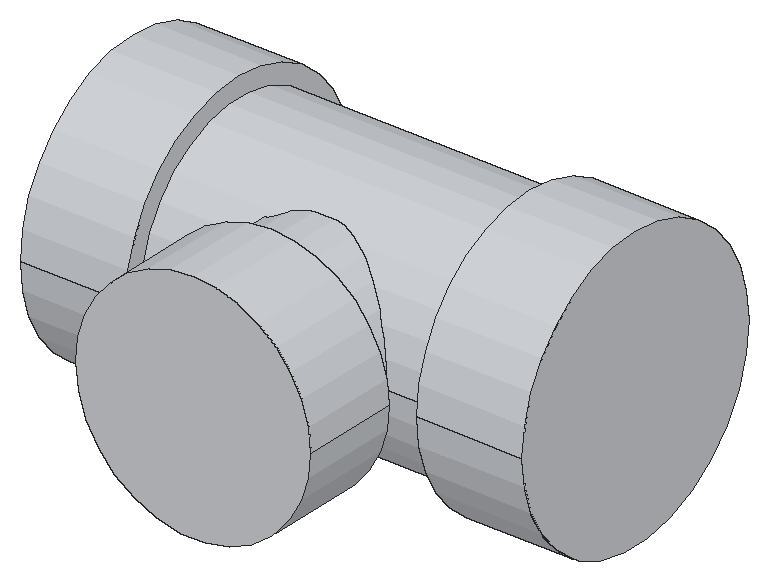
Revit family "64945c318fd64e4e99ebfdca3d8d64a5", category Pipe Fittings, Revit 2021
Family settings
  Round Connector Dimension = Use Radius
  Part Type = Tee
  OmniClass Number = 23.60.30.11.14
  OmniClass Title = Pipework Fittings
  Seek Item ID = Tee Reducing - Threaded - MI - Class 300-0000-USA-ENU
  Work Plane-Based = No
  Always vertical = Yes
  Cut with Voids When Loaded = No
  Shared = No
Parameters (values of type "Standard")
  Tick Size 3 [instance] = Fitting Outside Diameter 3 * 0.4  # 0.37856"
  Tick Size 2 [instance] = Fitting Outside Diameter 2 * 0.4  # 0.46457"
  Tick Size 1 [instance] = Fitting Outside Diameter 1 * 0.4  # 0.46457"
  Nominal Radius 3 [instance] = 3/16"
  Nominal Radius 2 [instance] = 1/4"
  Nominal Radius 1 [instance] = 1/4"
  Nominal Diameter 3 [instance] = Nominal Radius 3 * 2  # 3/8"
  Nominal Diameter 2 [instance] = Nominal Radius 2 * 2  # 1/2"
  Nominal Diameter 1 [instance] = Nominal Radius 1 * 2  # 1/2"
  Metal Thickness 3 [instance] = size_lookup(Lookup Table Name, "MThk", 0.07 * Nominal Diameter 3 + 31/256", Nominal Diameter 3)  # 0.14734"
  Metal Thickness 2 [instance] = size_lookup(Lookup Table Name, "MThk", 0.07 * Nominal Diameter 2 + 31/256", Nominal Diameter 2)  # 0.16142"
  Metal Thickness 1 [instance] = size_lookup(Lookup Table Name, "MThk", 0.07 * Nominal Diameter 1 + 31/256", Nominal Diameter 1)  # 0.16142"
  Loss Method = K Coefficient from Table
  Lookup Table Name = "Tee Reducing - Threaded - MI - Class 300"
  K Coefficient Table = "Threaded Tee"
  Default Elevation = 0' - 0"
  C2 Length 2 [instance] = if(and(Angle < 90.00°, Length 1 < 0"), Max Band Outside Radius 12 / tan(Angle - atan(Band Outside Radius 3 / C3 Length 1)) + Band Width 2, Center to End 2)  # 1.18898"
  Max Band Outside Radius 12 [instance] = if(Band Outside Radius 1 > Band Outside Radius 2, Band Outside Radius 1, Band Outside Radius 2)  # 0.66929"
  C3 Length 2 [instance] = if(and(Angle < 90.00°, Length 1 < 0"), (Max Band Outside Radius 12 + Band Outside Radius 3 * cos(Angle)) / sin(Angle) + Band Width 3, if(and(Angle > 90.00°, Length 1 < 0"), (Max Band Outside Radius 12 + Band Outside Radius 3 * cos(180.00° - Angle)) / sin(180.00° - Angle) + Band Width 3, Max Band Outside Radius 12 + Band Width 3))  # 1.1307"
  C3 Length 1 [instance] = C3 Length 2 - Band Width 3  # 0.66929"
  C2 Length 1 [instance] = C2 Length 2 - Band Width 2  # 0.68898"
  C1 Length 2 [instance] = if(and(Angle > 90.00°, Length 1 < 0"), Max Band Outside Radius 12 / tan(180.00° - Angle - atan(Band Outside Radius 3 / C3 Length 1)) + Band Width 1, Center to End 1)  # 1.18898"
  C1 Length 1 [instance] = C1 Length 2 - Band Width 1  # 0.68898"
  Length 1 [instance] = if(Angle < 90.00°, ((Center to End 3 - Band Width 3) / cos(Angle 1) * sin(Angle - Angle 1) - Max Band Outside Radius 12), ((Center to End 3 - Band Width 3) / cos(Angle 1) * sin(180.00° - Angle - Angle 1) - Max Band Outside Radius 12))  # 0.05828"
  Fitting Outside Radius 3 [instance] = Fitting Outside Diameter 3 / 2  # 0.4732"
  Fitting Outside Radius 2 [instance] = Fitting Outside Diameter 2 / 2  # 0.58071"
  Fitting Outside Radius 1 [instance] = Fitting Outside Diameter 1 / 2  # 0.58071"
  Fitting Outside Diameter 3 [instance] = Fitting Inside Diameter 3 + Metal Thickness 3 * 2  # 0.94641"
  Fitting Outside Diameter 2 [instance] = Fitting Inside Diameter 2 + Metal Thickness 2 * 2  # 1.16142"
  Fitting Outside Diameter 1 [instance] = Fitting Inside Diameter 1 + Metal Thickness 1 * 2  # 1.16142"
  Fitting Inside Diameter 3 [instance] = size_lookup(Lookup Table Name, "FID", 1.04 * Nominal Diameter 3 + 67/256", Nominal Diameter 3)  # 0.65172"
  Fitting Inside Diameter 2 [instance] = size_lookup(Lookup Table Name, "FID", 1.04 * Nominal Diameter 2 + 67/256", Nominal Diameter 2)  # 0.83858"
  Fitting Inside Diameter 1 [instance] = size_lookup(Lookup Table Name, "FID", 1.04 * Nominal Diameter 1 + 67/256", Nominal Diameter 1)  # 0.83858"
  Center to End 3 [instance] = size_lookup(Lookup Table Name, "CtE3", 0.49 * Nominal Diameter 1 + 0.062 * Nominal Diameter 2 + 0.3 * Nominal Diameter 3 + 51/64", (Nominal Diameter 1), (Nominal Diameter 2), (Nominal Diameter 3))  # 1.18898"
  Center to End 2 [instance] = size_lookup(Lookup Table Name, "CtE2", 0.075 * Nominal Diameter 1 + 0.26 * Nominal Diameter 2 + 0.51 * Nominal Diameter 3 + 203/256", (Nominal Diameter 1), (Nominal Diameter 2), (Nominal Diameter 3))  # 1.18898"
  Center to End 1 [instance] = size_lookup(Lookup Table Name, "CtE1", 0.33 * Nominal Diameter 1 - 0.0086 * Nominal Diameter 2 + 0.51 * Nominal Diameter 3 + 13/16", (Nominal Diameter 1), (Nominal Diameter 2), (Nominal Diameter 3))  # 1.18898"
  Band Width 3 [instance] = size_lookup(Lookup Table Name, "BWid", 0.22 * Nominal Diameter 3 + 97/256", Nominal Diameter 3)  # 0.46141"
  Band Width 2 [instance] = size_lookup(Lookup Table Name, "BWid", 0.22 * Nominal Diameter 2 + 97/256", Nominal Diameter 2)  # 1/2"
  Band Width 1 [instance] = size_lookup(Lookup Table Name, "BWid", 0.22 * Nominal Diameter 1 + 97/256", Nominal Diameter 1)  # 1/2"
  Band Outside Radius 3 [instance] = Band Outside Diameter 3 / 2  # 0.55633"
  Band Outside Radius 2 [instance] = Band Outside Diameter 2 / 2  # 0.66929"
  Band Outside Radius 1 [instance] = Band Outside Diameter 1 / 2  # 0.66929"
  Band Outside Diameter 3 [instance] = size_lookup(Lookup Table Name, "BOD", 1.29 * Nominal Diameter 3 + 161/256", Nominal Diameter 3)  # 1.11266"
  Band Outside Diameter 2 [instance] = size_lookup(Lookup Table Name, "BOD", 1.29 * Nominal Diameter 2 + 161/256", Nominal Diameter 2)  # 1.33858"
  Band Outside Diameter 1 [instance] = size_lookup(Lookup Table Name, "BOD", 1.29 * Nominal Diameter 1 + 161/256", Nominal Diameter 1)  # 1.33858"
  Angle 1 [instance] = atan(Band Outside Radius 3 / (Center to End 3 - Band Width 3))  # 37.4029°
  Angle [instance] = 90.00°
Reference planes (in)
  plane 1 "Center (Front/Back)": y = 0
  plane 2: z = 0
  plane 3 "Center (Left/Right)": x = 0
  plane 4: x = -0.68898
  plane 5: x = 0.68898
  plane 6: x = -1.18898
  plane 7: x = 1.18898
  plane 8: y = 0.46457
  plane 9: y = -0.46457
  plane 10: x = -0.68898
  plane 11: x = 0.68898
  plane 12: y = 0.46457
  plane 13: y = -0.46457
Forms (in)
  Blend 1, solid, detail levels fine
    base sketch origin (0, 0, 0) x (0, 1, 0) y (0, 0, 1)
      loop
        circle (0, 0) r 0.58071
    top sketch origin (0, 0, 0) x (0, 1, 0) y (0, 0, 1)
      loop
        circle (0, 0) r 0.58071
    from -0.68898 to 0.68898
  Sweep 2, solid, detail levels fine
    path in 3D
      loop
        line (-1.18898, 0, 0) -> (-0.68898, 0, 0)
    profile origin (-0.93898, 0, 0) x (0, 1, 0) y (0, 0, 1)
      loop
        circle (0, 0) r 0.66929
  Sweep 3, solid, detail levels fine
    path in 3D
      loop
        line (0.68898, 0, 0) -> (1.18898, 0, 0)
    profile origin (0.93898, 0, 0) x (0, 1, 0) y (0, 0, 1)
      loop
        circle (0, 0) r 0.66929
  Sweep 4, solid, detail levels fine
    path in 3D
      loop
        line (0, 0, 0) -> (0, -0.66929, 0)
    profile origin (0, -0.33465, 0) x (1, 0, 0) y (0, 0, 1)
      loop
        circle (0, 0) r 0.4732
  Sweep 5, solid, detail levels fine
    path in 3D
      loop
        line (0, -0.66929, 0) -> (0, -1.1307, 0)
    profile origin (0, -0.89999, 0) x (1, 0, 0) y (0, 0, 1)
      loop
        circle (0, 0) r 0.55633
Cuts and joins
  joined: Blend 1, Sweep 2, Sweep 3, Sweep 4, Sweep 5
Lines and regions (in)
  model lines, detail levels coarse+medium
    curve 1: line (-1.18898, 0.46457, 0) -> (-1.18898, -0.46457, 0)
    curve 2: line (1.18898, 0.46457, 0) -> (1.18898, -0.46457, 0)
    curve 14: line (0, 0, 0) -> (0, -1.1307, 0)
    curve 15: line (0, 0, 0) -> (1.18898, 0, 0)
    curve 16: line (0, 0, 0) -> (-1.18898, 0, 0)
    curve 17: line (0.37856, -1.1307, 0) -> (-0.37856, -1.1307, 0)
  reference lines
    curve 3: line (0, 0, 0) -> (0, -0.66929, 0)
    curve 4: line (0, -0.66929, 0) -> (0, -1.1307, 0)
    curve 5: line (0.68898, 0, 0) -> (1.18898, 0, 0)
    curve 6: line (-1.18898, 0, 0) -> (-0.68898, 0, 0)
    curve 7: line (-1.18898, 0, 0) -> (-0.68898, 0, 0)
    curve 8: line (0.68898, 0, 0) -> (1.18898, 0, 0)
    curve 9: line (0, -1.1307, 0) -> (0, -0.66929, 0)
  sketch lines
    curve 10: line (-1.18898, 0, 0) -> (-0.68898, 0, 0)
    curve 11: line (0.68898, 0, 0) -> (1.18898, 0, 0)
    curve 12: line (0, 0, 0) -> (0, -0.66929, 0)
    curve 13: line (0, -0.66929, 0) -> (0, -1.1307, 0)
Dimensions and locks (in)
  "C1 Length 1": plane 4 to plane 3 "Center (Left/Right)"
  "C2 Length 1": plane 3 "Center (Left/Right)" to plane 5
  "C1 Length 2": plane 6 to plane 3 "Center (Left/Right)"
  equal spacing: plane 8, plane 1 "Center (Front/Back)", plane 9
  "Tick Size 1": plane 8 to plane 1 "Center (Front/Back)"
  "C3 Length 1": curve 3 to curve 4
  "Band Width 3": curve 4 to curve 4
  "C2 Length 2": plane 3 "Center (Left/Right)" to plane 7
  equal spacing: plane 12, plane 1 "Center (Front/Back)", plane 13
  "Tick Size 2": plane 12 to plane 1 "Center (Front/Back)"
  "C3 Length 2": curve 14 to curve 14
  equal spacing: curve 17, curve 14, curve 17
  "Tick Size 3": curve 14 to curve 17
  "Fitting Outside Radius 1": radius of Blend 1 sketch curve
  "Fitting Outside Radius 2": radius of Blend 1 sketch curve
  "Band Outside Radius 1": radius of Sweep 2 sketch curve
  "Band Outside Radius 2": radius of Sweep 3 sketch curve
  "Fitting Outside Radius 3": radius of Sweep 4 sketch curve
  "Band Outside Radius 3": radius of Sweep 5 sketch curve
  "Angle": angle curve 3 to plane 1 "Center (Front/Back)"
  "Angle": angle curve 4 to plane 1 "Center (Front/Back)"
  "Angle": angle curve 9 to plane 1 "Center (Front/Back)"
  "Angle": angle curve 14 to plane 1 "Center (Front/Back)"
  "Angle": angle curve 17 to plane 5
  aligned and locked: plane 8 to curve 1
  aligned and locked: plane 9 to curve 1
  aligned and locked: curve 1 to plane 6
  aligned and locked: curve 2 to plane 7
  aligned and locked: plane 3 "Center (Left/Right)" to curve 3
  aligned and locked: plane 6 to curve 6
  aligned and locked: plane 4 to curve 6
  aligned and locked: plane 5 to curve 5
  aligned and locked: plane 7 to curve 5
  aligned and locked: plane 1 "Center (Front/Back)" to curve 5
  aligned and locked: plane 1 "Center (Front/Back)" to curve 6
  aligned and locked: plane 6 to curve 7
  aligned and locked: plane 10 to curve 7
  aligned and locked: plane 1 "Center (Front/Back)" to curve 7
  aligned and locked: plane 11 to curve 8
  aligned and locked: plane 7 to curve 8
  aligned and locked: plane 1 "Center (Front/Back)" to curve 8
  aligned and locked: plane 1 "Center (Front/Back)" to Blend 1 sketch curve  (x2)
  aligned and locked: plane 2 to Blend 1 sketch curve  (x2)
  aligned and locked: Blend 1 to plane 4
  aligned and locked: plane 5 to Blend 1
  aligned and locked: plane 1 "Center (Front/Back)" to Sweep 2 sketch curve
  aligned and locked: plane 2 to Sweep 2 sketch curve
  aligned and locked: plane 1 "Center (Front/Back)" to Sweep 3 sketch curve
  aligned and locked: plane 2 to Sweep 3 sketch curve
  aligned and locked: plane 13 to curve 2
  aligned and locked: plane 12 to curve 2
  aligned and locked: profile plane to Sweep 4 sketch curve  (x2)
  aligned and locked: profile plane to Sweep 5 sketch curve  (x2)
  aligned and locked: plane 3 "Center (Left/Right)" to curve 14
  aligned and locked: plane 1 "Center (Front/Back)" to curve 14
  aligned and locked: plane 7 to curve 15
  aligned and locked: plane 6 to curve 16
Automatic sketch dimensions
  plane 1 "Center (Front/Back)" to curve 3 = 0' - 0"
Connectors (in)
  piping at (-1.18898, 0, 0), diameter 0.5, driven by "Nominal Radius 1"
    settings: on cut or joined group of Blend 1, Sweep 2, Sweep 3, Sweep 4, Sweep 5, index 1, connector inside diameter 1/2", connector length 0' - 0", flow factor 0, pipe flow 0 GPM, pressure drop 0.00 psi, fitting loss kfactor 0, connector angle 0.00°, fixture units 0, engagement length 0' - 0", angle of deflection 0.00°, flow configuration 0, flow direction 0, fitting loss method 0, system type 28, joint type 0, gender type 0, connector reference index 2, connector utility 0, adjustable connector no, is connector primary yes, connector description ""
  piping at (1.18898, 0, 0), diameter 0.5, driven by "Nominal Radius 2"
    settings: on cut or joined group of Blend 1, Sweep 2, Sweep 3, Sweep 4, Sweep 5, index 2, connector inside diameter 1/2", connector length 0' - 0", flow factor 0, pipe flow 0 GPM, pressure drop 0.00 psi, fitting loss kfactor 0, connector angle 0.00°, fixture units 0, engagement length 0' - 0", angle of deflection 0.00°, flow configuration 0, flow direction 0, fitting loss method 0, system type 28, joint type 0, gender type 0, connector reference index 1, connector utility 0, adjustable connector no, is connector primary no, connector description ""
  piping at (0, -1.1307, 0), diameter 0.375, driven by "Nominal Radius 3", driven by "Angle"
    settings: on cut or joined group of Blend 1, Sweep 2, Sweep 3, Sweep 4, Sweep 5, index 3, connector inside diameter 3/8", connector length 0' - 0", flow factor 0, pipe flow 0 GPM, pressure drop 0.00 psi, fitting loss kfactor 0, connector angle 90.00°, fixture units 0, engagement length 0' - 0", angle of deflection 0.00°, flow configuration 0, flow direction 0, fitting loss method 0, system type 28, joint type 0, gender type 0, connector reference index -1, connector utility 0, adjustable connector no, is connector primary no, connector description ""
